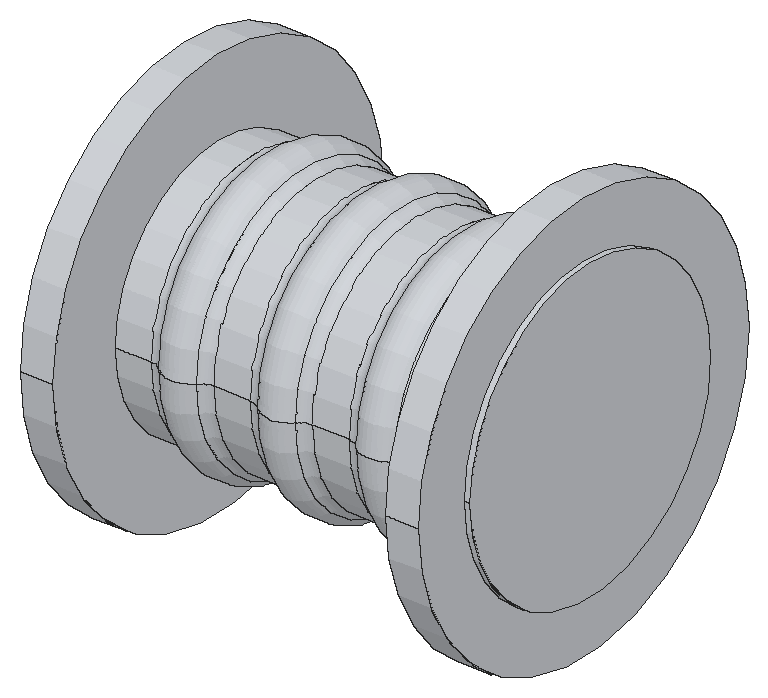
Revit family "ピュアジョイント 125", category Pipe Accessories, Revit 2024
Family settings
  Round Connector Dimension = Use Diameter
  Part Type = Inline Sensor
  Work Plane-Based = No
  Always vertical = Yes
  Cut with Voids When Loaded = No
  Shared = No
Parameters
  Default Elevation = 0 mm
  DN = 125 mm
Reference planes
  plane 1 "Center (Front/Back)": y = 0
  plane 2: z = 0
  plane 3 "Center (Left/Right)": x = 0
Forms (mm)
  Extrusion 1, solid
    sketch origin (0, 0, 0) x (0, 1, 0) y (0, 0, 1)
      loop
        circle (0, 0) r 91
    from 125 to 121
  Extrusion 2, solid
    sketch origin (0, 0, 0) x (0, 1, 0) y (0, 0, 1)
      loop
        circle (0, 0) r 91
    from -121 to -125
  Extrusion 3, solid
    sketch origin (0, 0, 0) x (0, 1, 0) y (0, 0, 1)
      loop
        circle (0, 0) r 125
    from -121 to -101
  Extrusion 4, solid
    sketch origin (0, 0, 0) x (0, 1, 0) y (0, 0, 1)
      loop
        circle (0, 0) r 125
    from 101 to 121
  Revolve 5, solid
    sketch origin (0, 0, 0) x (1, 0, 0) y (0, 1, 0)
      loop
        line (-79.021, 78.503) -> (-101, 78.503) -> (-101, 0) -> (101, 0) -> (101, 78.503) -> (79.021, 78.503)
        arc (79.021, 78.503) -> (74.942, 79.373) -> (71.572, 81.83) r 10
        arc (71.572, 81.83) -> (60, 87) -> (48.428, 81.83) r 15.537
        arc (48.428, 81.83) -> (45.058, 79.373) -> (40.979, 78.503) r 10
        line (40.979, 78.503) -> (19.02, 78.503)
        arc (19.02, 78.503) -> (14.942, 79.373) -> (11.572, 81.83) r 10
        arc (11.572, 81.83) -> (0, 87) -> (-11.572, 81.83) r 15.537
        arc (-11.572, 81.83) -> (-14.942, 79.373) -> (-19.021, 78.503) r 10
        line (-19.021, 78.503) -> (-40.979, 78.503)
        arc (-40.979, 78.503) -> (-45.058, 79.373) -> (-48.428, 81.83) r 10
        arc (-48.428, 81.83) -> (-60, 87) -> (-71.572, 81.83) r 15.537
        arc (-71.572, 81.83) -> (-74.942, 79.373) -> (-79.021, 78.503) r 10
      axis (101, 0) -> (-101, 0)
    angle from 0 to 360
Dimensions and locks
  aligned and locked: level to plane 2
Connectors
  piping at (-125, 0, 0), diameter 125, driven by "DN"
    settings: on Extrusion 2, index 1, connector inside diameter 609.6 mm, connector length 0 mm, flow factor 0, pipe flow 0.0 L/s, pressure drop 0.0 Pa, fitting loss kfactor 0, connector angle 0.00°, fixture units 0, engagement length 0 mm, angle of deflection 0.00°, flow configuration 0, flow direction 0, fitting loss method 0, system type 7, joint type 0, gender type 0, connector reference index -1, connector utility 0, adjustable connector no, is connector primary yes, connector description ""
  piping at (125, 0, 0), diameter 125, driven by "DN"
    settings: on Extrusion 1, index 2, connector inside diameter 609.6 mm, connector length 0 mm, flow factor 0, pipe flow 0.0 L/s, pressure drop 0.0 Pa, fitting loss kfactor 0, connector angle 0.00°, fixture units 0, engagement length 0 mm, angle of deflection 0.00°, flow configuration 0, flow direction 0, fitting loss method 0, system type 7, joint type 0, gender type 0, connector reference index -1, connector utility 0, adjustable connector no, is connector primary no, connector description ""
